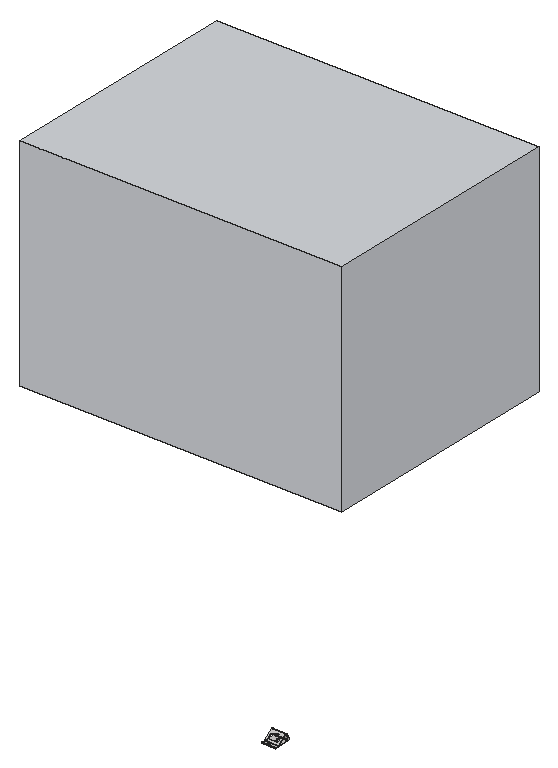
Revit family
Parameters
  Warranty Duration (Years) = 0
  Unit Width [instance] = 1' - 8 177/256"
  Unit Height [instance] = 0' - 9 99/256"
  Unit Depth = 0' - 0"
  URL = "http://www.americanspecialties.com/viewCategories.cfm"
  Trim Material = Metal - Stainless Steel
  Test Data = ""
  Specification = "http://www.arcat.com/sdspecs/htm/10810asi.htm"
  SpecWizard = ""
  Send Message = "http://www.arcat.com/users.pl?action=UserEmail&company=American%20Specialties,%20Inc.&coid=30448&rep=139&fax=914-476-0688&mf="
  Sales Information = "http://www.americanspecialties.com/contact"
  Revision = "R1_10-2010"
  Product Properties = "http://www.americanspecialties.com/datasheets/0711.pdf"
  Product Data = "http://www.arcat.com/arcatcos/cos30/arc30448.html"
  Model = "As Specified in 10 28 13"
  Manufacturer Website = "http://www.americanspecialties.com/viewCategories.cfm"
  Manufacturer Phone - Toll Free = ""
  Manufacturer Phone = "914-476-9000 "
  Manufacturer Fax = "914-476-0688"
  Manufacturer Address = "441 Saw Mill River Rd., Yonkers, NY 10701"
  Manufacturer = "American Specialties, Inc."
  Maintenance Schedule (Months) = 0
  Keynote = "10 28 13"
  Installation-Fabrication = "http://www.americanspecialties.com/products.cfm"
  Green Building-LEED = ""
  Expected Lifespan (Years) = 0
  Drawn By = "Robert S. Weygant. CSI, CDT, SCIP"  # constant formula
  Description = "Toilet Accessory as Specified in 10 28 13"
  Default Elevation = 4' - 0"
  Copyright = "©Arcat Inc."
  Construction Details = "http://www.arcat.com/green/clients/leed_data_30448.html"
  Building Codes = "http://www.americanspecialties.com/products.cfm"
  Body Material = Metal - Stainless Steel
  Assembly Code = "C1030210"
Reference planes (in)
  plane 1 "Floor Line": z = 0
  plane 2 "Center (Left/Right)": x = -0.65843
  plane 3: x = -1.65843
  plane 4: x = 0.34157
Forms (in)
  Extrusion 1, solid
    sketch origin (-3, -9, -6) x (0, 0, -1) y (1, 0, 0)
      loop
        line (-82, 26) -> (-82, -19.34712) -> (-51.08588, -19.34712) -> (-51.08588, 26) -> (-82, 26)
    from 9 to -25.60721
  Extrusion 2, solid, material "Metal - Stainless Steel" <- "Body Material"
    sketch origin (-0.65843, -32.09403, -0.29116) x (0, 0, -1) y (0, 1, 0)
      loop
        line (-0.29116, 30.74061) -> (-0.29116, 32.86522)
        arc (-0.29116, 32.86522) -> (-0.34492, 32.96746) -> (-0.45962, 32.98114) r 0.12411
        line (-0.45962, 32.98114) -> (-1.27256, 32.67013)
        arc (-1.27256, 32.67013) -> (-1.34842, 32.58879) -> (-1.32942, 32.47919) r 0.125
        line (-1.32942, 32.47919) -> (-0.37859, 31.29944)
        arc (-0.37859, 31.29944) -> (-0.36318, 31.2718) -> (-0.35783, 31.24061) r 0.09375
        line (-0.35783, 31.24061) -> (-0.32658, 31.24061)
        arc (-0.32658, 31.24061) -> (-0.33371, 31.2822) -> (-0.35426, 31.31905) r 0.125
        line (-0.35426, 31.31905) -> (-1.30461, 32.49821)
        arc (-1.30461, 32.49821) -> (-1.31836, 32.58023) -> (-1.26149, 32.64091) r 0.09375
        line (-1.26149, 32.64091) -> (-0.4332, 32.95779)
        arc (-0.4332, 32.95779) -> (-0.35617, 32.93769) -> (-0.32237, 32.86561) r 0.09375
        line (-0.32237, 32.86561) -> (-0.32237, 30.74061) -> (-0.29116, 30.74061)
    from -1 to 1
  Extrusion 3, solid, material "Metal - Stainless Steel" <- "Body Material"
    sketch origin (-0.65843, -32.09403, -0.29116) x (0, 0, -1) y (0, 1, 0)
      loop
        line (-0.35783, 31.24061) -> (-0.35783, 30.74061) -> (-0.32658, 30.74061) -> (-0.32658, 31.24061) -> (-0.35783, 31.24061)
    from -1 to 1
  Extrusion 4, void
    sketch origin (0, 0, 0) x (1, 0, 0) y (0, 1, 0)
      loop
        circle (-0.65843, -1.10342) r 0.125
    from 0 to 0.06667
  Extrusion 5, void
    sketch origin (0, 0.55322, -0.06768) x (1, 0, 0) y (0, 0.778601, 0.627519)
      loop
        line (0.09157, -0.72842) -> (0.09157, 0.02158) -> (-0.21954, 0.02158)
        arc (-0.21954, 0.02158) -> (-0.65843, 0.25615) -> (-1.09733, 0.02158) r 0.52788
        line (-1.09733, 0.02158) -> (-1.40843, 0.02158) -> (-1.40843, -0.72842) -> (0.09157, -0.72842)
    from 0.93529 to 0.96654
  Revolve 6, solid, material "Metal - Stainless Steel" <- "Trim Material"
    sketch origin (-0.65843, -0.21049, 0) x (0, 1, 0) y (0, 0, 1)
      loop
        line (0.02158, 0.03121) -> (0.02158, 0.07749)
        arc (0.02158, 0.07749) -> (-0.04507, 0.06555) -> (-0.10342, 0.03121) r 0.19194
        line (-0.10342, 0.03121) -> (0.02158, 0.03121)
      axis (0.02158, 0.03121) -> (0.02158, 0.07749)
    angle from 0 to 360
  Extrusion 7, void
    sketch origin (0, -1.3111, 0) x (1, 0, 0) y (0, 1, 0)
      loop
        arc (-0.7485, 1.73494) -> (-0.65843, 1.42786) -> (-0.56836, 1.73494) r 0.16675
        line (-0.56836, 1.73494) -> (-0.56836, 1.87625)
        arc (-0.56836, 1.87625) -> (-0.65843, 1.96632) -> (-0.7485, 1.87625) r 0.09007
        line (-0.7485, 1.87625) -> (-0.7485, 1.73494)
    from 0 to 0.03121
Cuts and joins
  Extrusion 4, Extrusion 5, Extrusion 7 cuts Extrusion 2
  Extrusion 4 cuts Extrusion 3
Dimensions and locks (in)
  aligned and locked: Extrusion 2 to Extrusion 3
  aligned and locked: Extrusion 2 to plane 3
  aligned and locked: plane 4 to Extrusion 2
  aligned and locked: Extrusion 3 to plane 3
  aligned and locked: plane 4 to Extrusion 3
  aligned and locked: Extrusion 2 to Extrusion 5  (x2)
  aligned and locked: cut or joined group of Extrusion 2, Extrusion 4, Extrusion 5, Extrusion 7 to Extrusion 7
  aligned and locked: Extrusion 7 to level
